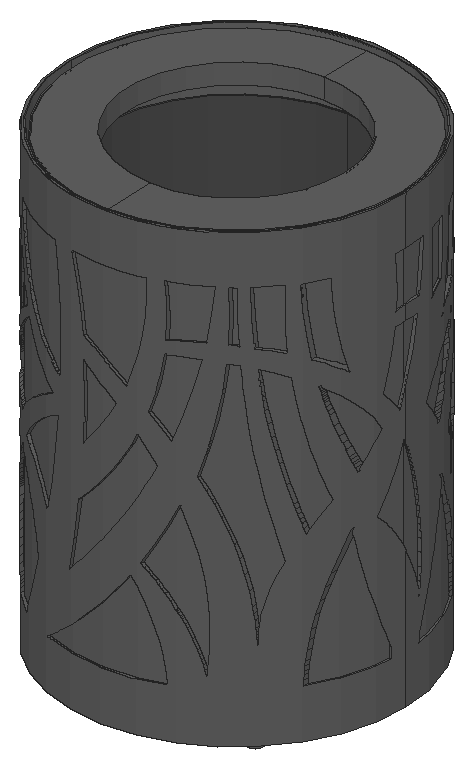
Revit family (continued)
Definition of nested family "Shell-Surface-SiteScapes-Circular-TallGrass_Large"
  Automatic sketch dimensions
    Extrusion 2 sketch curve to Extrusion 2 sketch curve = 0' - 0.03934"
    Extrusion 2 sketch curve to Extrusion 2 sketch curve = 0' - 0.02073"
    Extrusion 2 sketch curve to Extrusion 2 sketch curve = 0' - 0.02546"
    Extrusion 2 sketch curve to Extrusion 2 sketch curve = 0' - 0.04556"
    Extrusion 2 sketch curve to Extrusion 2 sketch curve = 0' - 0.02573"
    Extrusion 2 sketch curve to Extrusion 2 sketch curve = 0' - 0.13599"
    Extrusion 2 sketch curve to Extrusion 2 sketch curve = 0' - 0.06772"
    Extrusion 2 sketch curve to plane 9 "Right" = 0' - 0.4534"
    Extrusion 2 sketch curve to Extrusion 2 sketch curve = 0' - 0.06247"
    Extrusion 2 sketch curve to Extrusion 2 sketch curve = 0' - 0.03551"
    Extrusion 2 sketch curve to plane 9 "Right" = 0' - 0.35749"
    Extrusion 2 sketch curve to Extrusion 2 sketch curve = 0' - 0.02779"
    Extrusion 2 sketch curve to Extrusion 2 sketch curve = 0' - 0.03166"
    Extrusion 2 sketch curve to plane 9 "Right" = 0' - 0.28795"
    Extrusion 2 sketch curve to Extrusion 2 sketch curve = 0' - 0.03608"
    Extrusion 2 sketch curve to plane 9 "Right" = 0' - 0.22271"
    Extrusion 2 sketch curve to plane 9 "Right" = 0' - 0.16346"
    Extrusion 2 sketch curve to plane 9 "Right" = 0' - 0.15382"
    Extrusion 2 sketch curve to plane 9 "Right" = 0' - 0.1117"
    Extrusion 2 sketch curve to plane 9 "Right" = 0' - 0.06711"
    Extrusion 2 sketch curve to plane 9 "Right" = 0' - 0.03197"
    plane 11 "Pattern Bottom" to Extrusion 2 sketch curve = 0' - 2.83071"
    plane 9 "Right" to Extrusion 2 sketch curve = 0' - 10.48685"
    plane 11 "Pattern Bottom" to Extrusion 2 sketch curve = 0' - 11.58654"
    Extrusion 2 sketch curve to Extrusion 2 sketch curve = 2' - 8.6218"
    Extrusion 2 sketch curve to level = 0' - 3.03891"
    Extrusion 2 sketch curve to Extrusion 2 sketch curve = 0' - 0.05783"
    Extrusion 2 sketch curve to plane 5 "Pattern Top" = 0' - 1.34734"
    Extrusion 2 sketch curve to Extrusion 2 sketch curve = 0' - 6.73729"
    plane 5 "Pattern Top" to Extrusion 2 sketch curve = 0' - 1.38233"
    Extrusion 2 sketch curve to Extrusion 2 sketch curve = 0' - 7.50415"
    Extrusion 2 sketch curve to Extrusion 2 sketch curve = 0' - 4.273"
    Extrusion 2 sketch curve to plane 5 "Pattern Top" = 0' - 0.84021"
    plane 11 "Pattern Bottom" to Extrusion 2 sketch curve = 0' - 0.89206"
    Extrusion 2 sketch curve to Extrusion 2 sketch curve = 0' - 0.32527"
    Extrusion 2 sketch curve to Extrusion 2 sketch curve = 0' - 0.32166"
    Extrusion 2 sketch curve to Extrusion 2 sketch curve = 0' - 0.52088"
    Extrusion 2 sketch curve to Extrusion 2 sketch curve = 0' - 0.8773"
    Extrusion 2 sketch curve to Extrusion 2 sketch curve = 0' - 0.58285"
    plane 11 "Pattern Bottom" to Extrusion 2 sketch curve = 0' - 1.89938"
    Extrusion 2 sketch curve to Extrusion 2 sketch curve = 0' - 0.70813"
    Extrusion 2 sketch curve to Extrusion 2 sketch curve = 0' - 0.51072"
    Extrusion 2 sketch curve to Extrusion 2 sketch curve = 0' - 0.6794"
    Extrusion 2 sketch curve to Extrusion 2 sketch curve = 0' - 0.60616"
    Extrusion 2 sketch curve to Extrusion 2 sketch curve = 0' - 0.86253"
    Extrusion 2 sketch curve to Extrusion 2 sketch curve = 0' - 0.50851"
    Extrusion 2 sketch curve to Extrusion 2 sketch curve = 0' - 0.70021"
    Extrusion 2 sketch curve to Extrusion 2 sketch curve = 0' - 0.67682"
    Extrusion 2 sketch curve to Extrusion 2 sketch curve = 0' - 0.01754"
    Extrusion 2 sketch curve to Extrusion 2 sketch curve = 0' - 0.6275"
    Extrusion 2 sketch curve to Extrusion 2 sketch curve = 0' - 0.49335"
    Extrusion 2 sketch curve to Extrusion 2 sketch curve = 0' - 0.27404"
    Extrusion 2 sketch curve to Extrusion 2 sketch curve = 0' - 0.68623"
    Extrusion 2 sketch curve to Extrusion 2 sketch curve = 0' - 1.5538"
    Extrusion 2 sketch curve to Extrusion 2 sketch curve = 0' - 0 59/256"
    Extrusion 2 sketch curve to Extrusion 2 sketch curve = 0' - 0.88161"
    Extrusion 2 sketch curve to Extrusion 2 sketch curve = 0' - 0.69228"
    Extrusion 2 sketch curve to Extrusion 2 sketch curve = 0' - 0.67175"
    Extrusion 2 sketch curve to Extrusion 2 sketch curve = 0' - 0.5774"
    Extrusion 2 sketch curve to Extrusion 2 sketch curve = 0' - 0.18689"
    Extrusion 2 sketch curve to Extrusion 2 sketch curve = 0' - 0.49114"
    Extrusion 2 sketch curve to Extrusion 2 sketch curve = 0' - 0.94382"
    Extrusion 2 sketch curve to Extrusion 2 sketch curve = 0' - 0.20458"
    Extrusion 2 sketch curve to Extrusion 2 sketch curve = 0' - 0.67111"
    Extrusion 2 sketch curve to Extrusion 2 sketch curve = 0' - 0.22291"
    Extrusion 2 sketch curve to Extrusion 2 sketch curve = 0' - 0.63603"
    Extrusion 2 sketch curve to Extrusion 2 sketch curve = 0' - 0.488"
    Extrusion 2 sketch curve to Extrusion 2 sketch curve = 0' - 0.59323"
    Extrusion 2 sketch curve to Extrusion 2 sketch curve = 0' - 0.06932"
    Extrusion 2 sketch curve to Extrusion 2 sketch curve = 0' - 0.89442"
    Extrusion 2 sketch curve to Extrusion 2 sketch curve = 0' - 0.88911"
    Extrusion 2 sketch curve to Extrusion 2 sketch curve = 0' - 0.27209"
    Extrusion 2 sketch curve to Extrusion 2 sketch curve = 0' - 0.48443"
    Extrusion 2 sketch curve to Extrusion 2 sketch curve = 0' - 0.65414"
    Extrusion 2 sketch curve to Extrusion 2 sketch curve = 0' - 0.47917"
    Extrusion 2 sketch curve to Extrusion 2 sketch curve = 0' - 0.94093"
    Extrusion 2 sketch curve to Extrusion 2 sketch curve = 0' - 0.62444"
    Extrusion 2 sketch curve to Extrusion 2 sketch curve = 0' - 0.60906"
    Extrusion 2 sketch curve to Extrusion 2 sketch curve = 0' - 0.47542"
    Extrusion 2 sketch curve to Extrusion 2 sketch curve = 0' - 0.50097"
    Extrusion 2 sketch curve to Extrusion 2 sketch curve = 0' - 0.45356"
    Extrusion 2 sketch curve to Extrusion 2 sketch curve = 0' - 0.67343"
    Extrusion 2 sketch curve to Extrusion 2 sketch curve = 0' - 0.90137"
    Extrusion 2 sketch curve to Extrusion 2 sketch curve = 0' - 0.50203"
    Extrusion 2 sketch curve to Extrusion 2 sketch curve = 0' - 0.87388"
    Extrusion 2 sketch curve to Extrusion 2 sketch curve = 0' - 0.61049"
    Extrusion 2 sketch curve to Extrusion 2 sketch curve = 0' - 0.60536"
    Extrusion 2 sketch curve to Extrusion 2 sketch curve = 0' - 1.81693"
    Extrusion 2 sketch curve to Extrusion 2 sketch curve = 0' - 0.98447"
    Extrusion 2 sketch curve to Extrusion 2 sketch curve = 0' - 0.47393"
    Extrusion 2 sketch curve to Extrusion 2 sketch curve = 0' - 0.48764"
    Extrusion 2 sketch curve to Extrusion 2 sketch curve = 0' - 0.4813"
    Extrusion 2 sketch curve to Extrusion 2 sketch curve = 0' - 0.93803"
    Extrusion 2 sketch curve to Extrusion 2 sketch curve = 0' - 0.28325"
    Extrusion 2 sketch curve to Extrusion 2 sketch curve = 0' - 0.28141"
    Extrusion 2 sketch curve to Extrusion 2 sketch curve = 0' - 0.65689"
    Extrusion 2 sketch curve to Extrusion 2 sketch curve = 0' - 0.28283"
    Extrusion 2 sketch curve to Extrusion 2 sketch curve = 0' - 0.25949"
    Extrusion 2 sketch curve to Extrusion 2 sketch curve = 0' - 0.47431"
    Extrusion 2 sketch curve to Extrusion 2 sketch curve = 0' - 0.74118"
    Extrusion 2 sketch curve to Extrusion 2 sketch curve = 0' - 0.50903"
    Extrusion 2 sketch curve to Extrusion 2 sketch curve = 0' - 0.24575"
    Extrusion 2 sketch curve to Extrusion 2 sketch curve = 0' - 0.85865"
    Extrusion 2 sketch curve to Extrusion 2 sketch curve = 0' - 0.23756"
    Extrusion 2 sketch curve to Extrusion 2 sketch curve = 0' - 0.25288"
    Extrusion 2 sketch curve to Extrusion 2 sketch curve = 0' - 0.22286"
    Extrusion 2 sketch curve to Extrusion 2 sketch curve = 0' - 0.27084"
    Extrusion 2 sketch curve to Extrusion 2 sketch curve = 0' - 0.21636"
    Extrusion 2 sketch curve to Extrusion 2 sketch curve = 0' - 0.23739"
    Extrusion 2 sketch curve to Extrusion 2 sketch curve = 0' - 0.18618"
    Extrusion 2 sketch curve to Extrusion 2 sketch curve = 0' - 0.24813"
    Extrusion 2 sketch curve to Extrusion 2 sketch curve = 0' - 0.93948"
    Extrusion 2 sketch curve to Extrusion 2 sketch curve = 0' - 0.64035"
    Extrusion 2 sketch curve to Extrusion 2 sketch curve = 0' - 1.07147"
    Extrusion 2 sketch curve to Extrusion 2 sketch curve = 0' - 0.14949"
    Extrusion 2 sketch curve to Extrusion 2 sketch curve = 0' - 0.25711"
    Extrusion 2 sketch curve to Extrusion 2 sketch curve = 0' - 0.30567"
    Extrusion 2 sketch curve to Extrusion 2 sketch curve = 0' - 0.24399"
    Extrusion 2 sketch curve to Extrusion 2 sketch curve = 0' - 0.16284"
    Extrusion 2 sketch curve to Extrusion 2 sketch curve = 0' - 0.17752"
    Extrusion 2 sketch curve to Extrusion 2 sketch curve = 0' - 0.23619"
    Extrusion 2 sketch curve to Extrusion 2 sketch curve = 0' - 0.84341"
    Extrusion 2 sketch curve to Extrusion 2 sketch curve = 0' - 0.62382"
    Extrusion 2 sketch curve to Extrusion 2 sketch curve = 0' - 0.50675"
    Extrusion 2 sketch curve to Extrusion 2 sketch curve = 0' - 0.21677"
    Extrusion 2 sketch curve to Extrusion 2 sketch curve = 0' - 0.78372"
    Extrusion 2 sketch curve to Extrusion 2 sketch curve = 0' - 0.38492"
    Extrusion 2 sketch curve to Extrusion 2 sketch curve = 0' - 0.23089"
    Extrusion 2 sketch curve to Extrusion 2 sketch curve = 0' - 1.06009"
    Extrusion 2 sketch curve to Extrusion 2 sketch curve = 0' - 0.60328"
    Extrusion 2 sketch curve to Extrusion 2 sketch curve = 0' - 0.24501"
    Extrusion 2 sketch curve to Extrusion 2 sketch curve = 0' - 0.51309"
    Extrusion 2 sketch curve to Extrusion 2 sketch curve = 0' - 0.37371"
    Extrusion 2 sketch curve to Extrusion 2 sketch curve = 0' - 0.61196"
    Extrusion 2 sketch curve to Extrusion 2 sketch curve = 0' - 0 81/256"
    Extrusion 2 sketch curve to Extrusion 2 sketch curve = 0' - 0.77791"
    Extrusion 2 sketch curve to Extrusion 2 sketch curve = 0' - 0.36861"
    Extrusion 2 sketch curve to Extrusion 2 sketch curve = 0' - 0.5135"
    Extrusion 2 sketch curve to Extrusion 2 sketch curve = 0' - 0.3145"
    Extrusion 2 sketch curve to Extrusion 2 sketch curve = 0' - 0.55154"
    Extrusion 2 sketch curve to Extrusion 2 sketch curve = 0' - 0.55474"
    Extrusion 2 sketch curve to Extrusion 2 sketch curve = 0' - 0.62471"
    Extrusion 2 sketch curve to Extrusion 2 sketch curve = 0' - 0.25881"
    Extrusion 2 sketch curve to Extrusion 2 sketch curve = 0' - 1.04805"
    Extrusion 2 sketch curve to Extrusion 2 sketch curve = 0' - 0.63621"
    Extrusion 2 sketch curve to Extrusion 2 sketch curve = 0' - 0.61375"
    Extrusion 2 sketch curve to Extrusion 2 sketch curve = 0' - 0.2935"
    Extrusion 2 sketch curve to Extrusion 2 sketch curve = 0' - 0.53665"
    Extrusion 2 sketch curve to Extrusion 2 sketch curve = 0' - 0.77209"
    Extrusion 2 sketch curve to Extrusion 2 sketch curve = 0' - 0.63618"
    Extrusion 2 sketch curve to Extrusion 2 sketch curve = 0' - 0.69135"
    Extrusion 2 sketch curve to Extrusion 2 sketch curve = 0' - 0.33893"
    Extrusion 2 sketch curve to Extrusion 2 sketch curve = 0' - 0.60025"
    Extrusion 2 sketch curve to Extrusion 2 sketch curve = 0' - 0.51686"
    Extrusion 2 sketch curve to Extrusion 2 sketch curve = 0' - 0.22062"
    Extrusion 2 sketch curve to Extrusion 2 sketch curve = 0' - 0.92296"
    Extrusion 2 sketch curve to Extrusion 2 sketch curve = 0' - 0.76458"
    Extrusion 2 sketch curve to Extrusion 2 sketch curve = 0' - 0.64765"
    Extrusion 2 sketch curve to Extrusion 2 sketch curve = 0' - 0.66689"
    Extrusion 2 sketch curve to Extrusion 2 sketch curve = 0' - 1.44754"
    Extrusion 2 sketch curve to Extrusion 2 sketch curve = 0' - 0.21765"
    Extrusion 2 sketch curve to Extrusion 2 sketch curve = 0' - 0.16151"
    Extrusion 2 sketch curve to Extrusion 2 sketch curve = 0' - 0.58982"
    Extrusion 2 sketch curve to Extrusion 2 sketch curve = 0' - 0.21473"
    Extrusion 2 sketch curve to Extrusion 2 sketch curve = 0' - 0.4215"
    Extrusion 2 sketch curve to Extrusion 2 sketch curve = 0' - 0.11889"
    Extrusion 2 sketch curve to Extrusion 2 sketch curve = 0' - 0.09565"
    Extrusion 2 sketch curve to Extrusion 2 sketch curve = 0' - 0.24204"
    Extrusion 2 sketch curve to Extrusion 2 sketch curve = 0' - 0.64197"
    Extrusion 2 sketch curve to Extrusion 2 sketch curve = 0' - 0.41081"
    Extrusion 2 sketch curve to Extrusion 2 sketch curve = 0' - 0.11861"
    Extrusion 2 sketch curve to Extrusion 2 sketch curve = 0' - 1.45194"
    Extrusion 2 sketch curve to Extrusion 2 sketch curve = 0' - 0.8398"
    Extrusion 2 sketch curve to Extrusion 2 sketch curve = 0' - 0.14321"
    Extrusion 2 sketch curve to Extrusion 2 sketch curve = 0' - 0.90884"
    Extrusion 2 sketch curve to Extrusion 2 sketch curve = 0' - 0.24892"
    Extrusion 2 sketch curve to Extrusion 2 sketch curve = 0' - 0.36999"
    Extrusion 2 sketch curve to Extrusion 2 sketch curve = 0' - 0.40956"
    Extrusion 2 sketch curve to Extrusion 2 sketch curve = 0' - 0.21556"
    Extrusion 2 sketch curve to Extrusion 2 sketch curve = 0' - 0.65793"
    Extrusion 2 sketch curve to Extrusion 2 sketch curve = 0' - 0.32917"
    Extrusion 2 sketch curve to Extrusion 2 sketch curve = 0' - 0.19131"
    Extrusion 2 sketch curve to Extrusion 2 sketch curve = 0' - 0.40302"
    Extrusion 2 sketch curve to Extrusion 2 sketch curve = 0' - 0.25351"
    Extrusion 2 sketch curve to Extrusion 2 sketch curve = 0' - 0.17826"
    Extrusion 2 sketch curve to Extrusion 2 sketch curve = 0' - 0.1504"
    Extrusion 2 sketch curve to Extrusion 2 sketch curve = 0' - 0.22683"
    Extrusion 2 sketch curve to Extrusion 2 sketch curve = 0' - 0.85688"
    Extrusion 2 sketch curve to Extrusion 2 sketch curve = 0' - 0.29934"
    Extrusion 2 sketch curve to Extrusion 2 sketch curve = 0' - 0.1258"
    Extrusion 2 sketch curve to Extrusion 2 sketch curve = 0' - 0.88533"
    Extrusion 2 sketch curve to Extrusion 2 sketch curve = 0' - 0.20962"
    Extrusion 2 sketch curve to Extrusion 2 sketch curve = 0' - 0 9/64"
    Extrusion 2 sketch curve to Extrusion 2 sketch curve = 0' - 0.22915"
    Extrusion 2 sketch curve to Extrusion 2 sketch curve = 0' - 0.25133"
    Extrusion 2 sketch curve to Extrusion 2 sketch curve = 0' - 0.35718"
    Extrusion 2 sketch curve to Extrusion 2 sketch curve = 0' - 0.17647"
    Extrusion 2 sketch curve to Extrusion 2 sketch curve = 0' - 0.29628"
    Extrusion 2 sketch curve to Extrusion 2 sketch curve = 0' - 0.26027"
    Extrusion 2 sketch curve to Extrusion 2 sketch curve = 0' - 0.49714"
    Extrusion 2 sketch curve to Extrusion 2 sketch curve = 0' - 0.35627"
    Extrusion 2 sketch curve to Extrusion 2 sketch curve = 0' - 0.22976"
    Extrusion 2 sketch curve to Extrusion 2 sketch curve = 0' - 0.87046"
    Extrusion 2 sketch curve to Extrusion 2 sketch curve = 0' - 0.3988"
    Extrusion 2 sketch curve to Extrusion 2 sketch curve = 0' - 0.86935"
    Extrusion 2 sketch curve to Extrusion 2 sketch curve = 0' - 0.19925"
    Extrusion 2 sketch curve to Extrusion 2 sketch curve = 0' - 0.34612"
    Extrusion 2 sketch curve to Extrusion 2 sketch curve = 0' - 0.51301"
    Extrusion 2 sketch curve to Extrusion 2 sketch curve = 0' - 0.16873"
    Extrusion 2 sketch curve to Extrusion 2 sketch curve = 0' - 0.37564"
    Extrusion 2 sketch curve to Extrusion 2 sketch curve = 0' - 0.6174"
    Extrusion 2 sketch curve to Extrusion 2 sketch curve = 0' - 0.15055"
    Extrusion 2 sketch curve to Extrusion 2 sketch curve = 0' - 0.77281"
    Extrusion 2 sketch curve to Extrusion 2 sketch curve = 0' - 0.10677"
    Extrusion 2 sketch curve to Extrusion 2 sketch curve = 0' - 0.02985"
    Extrusion 2 sketch curve to Extrusion 2 sketch curve = 0' - 0.1162"
    Extrusion 2 sketch curve to Extrusion 2 sketch curve = 0' - 0.02159"
    Extrusion 2 sketch curve to Extrusion 2 sketch curve = 0' - 0.014"
    Extrusion 2 sketch curve to Extrusion 2 sketch curve = 0' - 0.35138"
    Extrusion 2 sketch curve to Extrusion 2 sketch curve = 0' - 0.35248"
    Extrusion 2 sketch curve to Extrusion 2 sketch curve = 0' - 0.09383"
    Extrusion 2 sketch curve to Extrusion 2 sketch curve = 0' - 0.08344"
    Extrusion 2 sketch curve to Extrusion 2 sketch curve = 0' - 0.52802"
    Extrusion 2 sketch curve to Extrusion 2 sketch curve = 0' - 0.0838"
    Extrusion 2 sketch curve to Extrusion 2 sketch curve = 0' - 0.86073"
    Extrusion 2 sketch curve to Extrusion 2 sketch curve = 0' - 0.07576"
    Extrusion 2 sketch curve to Extrusion 2 sketch curve = 0' - 0.32911"
    Extrusion 2 sketch curve to Extrusion 2 sketch curve = 0' - 0.30534"
    Extrusion 2 sketch curve to Extrusion 2 sketch curve = 0' - 0.53546"
    Extrusion 2 sketch curve to Extrusion 2 sketch curve = 0' - 0.36343"
    Extrusion 2 sketch curve to Extrusion 2 sketch curve = 0' - 0.11086"
    Extrusion 2 sketch curve to Extrusion 2 sketch curve = 0' - 0.08929"
    Extrusion 2 sketch curve to Extrusion 2 sketch curve = 0' - 0.49934"
    Extrusion 2 sketch curve to Extrusion 2 sketch curve = 0' - 0.74561"
    Extrusion 2 sketch curve to Extrusion 2 sketch curve = 0' - 0.06771"
    Extrusion 2 sketch curve to Extrusion 2 sketch curve = 0' - 0.09111"
    Extrusion 2 sketch curve to Extrusion 2 sketch curve = 0' - 0.05995"
    Extrusion 2 sketch curve to Extrusion 2 sketch curve = 0' - 0.28336"
    Extrusion 2 sketch curve to Extrusion 2 sketch curve = 0' - 0.04076"
    Extrusion 2 sketch curve to Extrusion 2 sketch curve = 0' - 0.3214"
    Extrusion 2 sketch curve to Extrusion 2 sketch curve = 0' - 0.37687"
    Extrusion 2 sketch curve to Extrusion 2 sketch curve = 0' - 0.2392"
    Extrusion 2 sketch curve to Extrusion 2 sketch curve = 0' - 0.50856"
    Extrusion 2 sketch curve to Extrusion 2 sketch curve = 0' - 0.72683"
    Extrusion 2 sketch curve to Extrusion 2 sketch curve = 0' - 0.36467"
    Extrusion 2 sketch curve to Extrusion 2 sketch curve = 0' - 0.19505"
    Extrusion 2 sketch curve to Extrusion 2 sketch curve = 0' - 0.85211"
    Extrusion 2 sketch curve to Extrusion 2 sketch curve = 0' - 0.37753"
    Extrusion 2 sketch curve to Extrusion 2 sketch curve = 0' - 0.70853"
    Extrusion 2 sketch curve to Extrusion 2 sketch curve = 0' - 0.21491"
    Extrusion 2 sketch curve to Extrusion 2 sketch curve = 0' - 0.94961"
    Extrusion 2 sketch curve to Extrusion 2 sketch curve = 0' - 0.48166"
    Extrusion 2 sketch curve to Extrusion 2 sketch curve = 0' - 0.40795"
    Extrusion 2 sketch curve to Extrusion 2 sketch curve = 0' - 0.23506"
    Extrusion 2 sketch curve to Extrusion 2 sketch curve = 0' - 0.38056"
    Extrusion 2 sketch curve to Extrusion 2 sketch curve = 0' - 1.03117"
    Extrusion 2 sketch curve to Extrusion 2 sketch curve = 0' - 0.74964"
    Extrusion 2 sketch curve to Extrusion 2 sketch curve = 0' - 0.45476"
    Extrusion 2 sketch curve to Extrusion 2 sketch curve = 0' - 0.26101"
    Extrusion 2 sketch curve to Extrusion 2 sketch curve = 0' - 0.67034"
    Extrusion 2 sketch curve to Extrusion 2 sketch curve = 0' - 0.51404"
    Extrusion 2 sketch curve to Extrusion 2 sketch curve = 0' - 0.22831"
    Extrusion 2 sketch curve to Extrusion 2 sketch curve = 0' - 0.32725"
    Extrusion 2 sketch curve to Extrusion 2 sketch curve = 0' - 0.19562"
    Extrusion 2 sketch curve to Extrusion 2 sketch curve = 0' - 0.77246"
    Extrusion 2 sketch curve to Extrusion 2 sketch curve = 0' - 0.31219"
    Extrusion 2 sketch curve to Extrusion 2 sketch curve = 0' - 0.19977"
    Extrusion 2 sketch curve to Extrusion 2 sketch curve = 0' - 0.49233"
    Extrusion 2 sketch curve to Extrusion 2 sketch curve = 0' - 0.51031"
    Extrusion 2 sketch curve to Extrusion 2 sketch curve = 0' - 0.05576"
    Extrusion 2 sketch curve to Extrusion 2 sketch curve = 0' - 1.60014"
    Extrusion 2 sketch curve to Extrusion 2 sketch curve = 0' - 0.7952"
    Extrusion 2 sketch curve to Extrusion 2 sketch curve = 0' - 0.21618"
    Extrusion 2 sketch curve to Extrusion 2 sketch curve = 0' - 0.29855"
    Extrusion 2 sketch curve to Extrusion 2 sketch curve = 0' - 0.10659"
    Extrusion 2 sketch curve to Extrusion 2 sketch curve = 0' - 0.13565"
    Extrusion 2 sketch curve to Extrusion 2 sketch curve = 0' - 0.21313"
    Extrusion 2 sketch curve to Extrusion 2 sketch curve = 0' - 0.13075"
    Extrusion 2 sketch curve to Extrusion 2 sketch curve = 0' - 0.51439"
    Extrusion 2 sketch curve to Extrusion 2 sketch curve = 0' - 0.10695"
    Extrusion 2 sketch curve to Extrusion 2 sketch curve = 0' - 0.29457"
    Extrusion 2 sketch curve to Extrusion 2 sketch curve = 0' - 0.5636"
    Extrusion 2 sketch curve to Extrusion 2 sketch curve = 0' - 0.12302"
    Extrusion 2 sketch curve to Extrusion 2 sketch curve = 0' - 0.14479"
    Extrusion 2 sketch curve to Extrusion 2 sketch curve = 0' - 0.53236"
    Extrusion 2 sketch curve to Extrusion 2 sketch curve = 0' - 0.36478"
    Extrusion 2 sketch curve to Extrusion 2 sketch curve = 0' - 0.19512"
    Extrusion 2 sketch curve to Extrusion 2 sketch curve = 0' - 1.0667"
    Extrusion 2 sketch curve to Extrusion 2 sketch curve = 0' - 0.90571"
    Extrusion 2 sketch curve to Extrusion 2 sketch curve = 0' - 0.0719"
    Extrusion 2 sketch curve to Extrusion 2 sketch curve = 0' - 0.15925"
    Extrusion 2 sketch curve to Extrusion 2 sketch curve = 0' - 0.77941"
    Extrusion 2 sketch curve to Extrusion 2 sketch curve = 0' - 0.2523"
    Extrusion 2 sketch curve to Extrusion 2 sketch curve = 0' - 0.07405"
    Extrusion 2 sketch curve to Extrusion 2 sketch curve = 0' - 1.25301"
    Extrusion 2 sketch curve to Extrusion 2 sketch curve = 0' - 0.13029"
    Extrusion 2 sketch curve to Extrusion 2 sketch curve = 0' - 0.51808"
    Extrusion 2 sketch curve to Extrusion 2 sketch curve = 0' - 0.15455"
    Extrusion 2 sketch curve to Extrusion 2 sketch curve = 0' - 0.2879"
    Extrusion 2 sketch curve to Extrusion 2 sketch curve = 0' - 0.24699"
    Extrusion 2 sketch curve to Extrusion 2 sketch curve = 0' - 0.30825"
    Extrusion 2 sketch curve to Extrusion 2 sketch curve = 0' - 0.22913"
    Extrusion 2 sketch curve to Extrusion 2 sketch curve = 0' - 0.25931"
    Extrusion 2 sketch curve to Extrusion 2 sketch curve = 0' - 0.50281"
    Extrusion 2 sketch curve to Extrusion 2 sketch curve = 0' - 0.23925"
    Extrusion 2 sketch curve to Extrusion 2 sketch curve = 0' - 0.90992"
    Extrusion 2 sketch curve to Extrusion 2 sketch curve = 0' - 0.02888"
    Extrusion 2 sketch curve to Extrusion 2 sketch curve = 0' - 0.11788"
    Extrusion 2 sketch curve to Extrusion 2 sketch curve = 0' - 0.30987"
    Extrusion 2 sketch curve to Extrusion 2 sketch curve = 0' - 1.39075"
    Extrusion 2 sketch curve to Extrusion 2 sketch curve = 0' - 0.24992"
    Extrusion 2 sketch curve to Extrusion 2 sketch curve = 0' - 0.29553"
    Extrusion 2 sketch curve to Extrusion 2 sketch curve = 0' - 0.16239"
    Extrusion 2 sketch curve to Extrusion 2 sketch curve = 0' - 0.41253"
    Extrusion 2 sketch curve to Extrusion 2 sketch curve = 0' - 0.51456"
    Extrusion 2 sketch curve to Extrusion 2 sketch curve = 0' - 0.52109"
    Extrusion 2 sketch curve to Extrusion 2 sketch curve = 0' - 0.30829"
    Extrusion 2 sketch curve to Extrusion 2 sketch curve = 0' - 0.13854"
    Extrusion 2 sketch curve to Extrusion 2 sketch curve = 0' - 0.33695"
    Extrusion 2 sketch curve to Extrusion 2 sketch curve = 0' - 0.30339"
    Extrusion 2 sketch curve to Extrusion 2 sketch curve = 0' - 0.12098"
    Extrusion 2 sketch curve to Extrusion 2 sketch curve = 0' - 0.1467"
    Extrusion 2 sketch curve to Extrusion 2 sketch curve = 0' - 0.39516"
    Extrusion 2 sketch curve to Extrusion 2 sketch curve = 0' - 0.15097"
    Extrusion 2 sketch curve to Extrusion 2 sketch curve = 0' - 0.50086"
    Extrusion 2 sketch curve to Extrusion 2 sketch curve = 0' - 0.90956"
    Extrusion 2 sketch curve to Extrusion 2 sketch curve = 0' - 0.3028"
    Extrusion 2 sketch curve to Extrusion 2 sketch curve = 0' - 0.5391"
    Extrusion 2 sketch curve to Extrusion 2 sketch curve = 0' - 0.14231"
    Extrusion 2 sketch curve to Extrusion 2 sketch curve = 0' - 0.37655"
    Extrusion 2 sketch curve to Extrusion 2 sketch curve = 0' - 0.14089"
    Extrusion 2 sketch curve to Extrusion 2 sketch curve = 0' - 0.01692"
    Extrusion 2 sketch curve to Extrusion 2 sketch curve = 0' - 0.38718"
    Extrusion 2 sketch curve to Extrusion 2 sketch curve = 0' - 0.13947"
    Extrusion 2 sketch curve to Extrusion 2 sketch curve = 0' - 0.42574"
    Extrusion 2 sketch curve to Extrusion 2 sketch curve = 0' - 0.48064"
    Extrusion 2 sketch curve to Extrusion 2 sketch curve = 0' - 0.50078"
    Extrusion 2 sketch curve to Extrusion 2 sketch curve = 0' - 5.3948"
    Extrusion 2 sketch curve to Extrusion 2 sketch curve = 0' - 0.13804"
    Extrusion 2 sketch curve to Extrusion 2 sketch curve = 0' - 0.054"
    Extrusion 2 sketch curve to Extrusion 2 sketch curve = 0' - 0.34289"
    Extrusion 2 sketch curve to Extrusion 2 sketch curve = 0' - 0.1121"
    Extrusion 2 sketch curve to Extrusion 2 sketch curve = 0' - 0.10761"
    Extrusion 2 sketch curve to Extrusion 2 sketch curve = 0' - 1.16882"
    Extrusion 2 sketch curve to Extrusion 2 sketch curve = 0' - 0.37114"
    Extrusion 2 sketch curve to Extrusion 2 sketch curve = 0' - 0.12841"
    Extrusion 2 sketch curve to Extrusion 2 sketch curve = 0' - 0.09722"
    Extrusion 2 sketch curve to Extrusion 2 sketch curve = 0' - 0.43023"
    Extrusion 2 sketch curve to Extrusion 2 sketch curve = 0' - 0.03853"
    Extrusion 2 sketch curve to Extrusion 2 sketch curve = 0' - 0.08675"
    Extrusion 2 sketch curve to Extrusion 2 sketch curve = 0' - 0.46042"
    Extrusion 2 sketch curve to Extrusion 2 sketch curve = 0' - 0.04864"
    Extrusion 2 sketch curve to Extrusion 2 sketch curve = 0' - 0.32607"
    Extrusion 2 sketch curve to Extrusion 2 sketch curve = 0' - 0.05616"
    Extrusion 2 sketch curve to Extrusion 2 sketch curve = 0' - 0.53207"
    Extrusion 2 sketch curve to Extrusion 2 sketch curve = 0' - 0.12286"
    Extrusion 2 sketch curve to Extrusion 2 sketch curve = 0' - 0.35555"
    Extrusion 2 sketch curve to Extrusion 2 sketch curve = 0' - 0.29758"
    Extrusion 2 sketch curve to Extrusion 2 sketch curve = 0' - 0.43368"
    Extrusion 2 sketch curve to Extrusion 2 sketch curve = 0' - 0.16216"
    Extrusion 2 sketch curve to Extrusion 2 sketch curve = 0' - 0.15819"
    Extrusion 2 sketch curve to Extrusion 2 sketch curve = 0' - 0.49968"
    Extrusion 2 sketch curve to Extrusion 2 sketch curve = 0' - 0.13093"
    Extrusion 2 sketch curve to Extrusion 2 sketch curve = 0' - 0.35068"
    Extrusion 2 sketch curve to Extrusion 2 sketch curve = 0' - 0.36902"
    Extrusion 2 sketch curve to Extrusion 2 sketch curve = 0' - 0.14868"
    Extrusion 2 sketch curve to Extrusion 2 sketch curve = 0' - 0.15729"
    Extrusion 2 sketch curve to Extrusion 2 sketch curve = 0' - 1.16227"
    Extrusion 2 sketch curve to Extrusion 2 sketch curve = 0' - 0.1731"
    Extrusion 2 sketch curve to Extrusion 2 sketch curve = 0' - 0.40379"
    Extrusion 2 sketch curve to Extrusion 2 sketch curve = 0' - 0.52074"
    Extrusion 2 sketch curve to Extrusion 2 sketch curve = 0' - 0.40383"
    Extrusion 2 sketch curve to Extrusion 2 sketch curve = 0' - 0.24521"
    Extrusion 2 sketch curve to Extrusion 2 sketch curve = 0' - 0.20723"
    Extrusion 2 sketch curve to Extrusion 2 sketch curve = 0' - 0.89233"
    Extrusion 2 sketch curve to Extrusion 2 sketch curve = 0' - 0.45124"
    Extrusion 2 sketch curve to Extrusion 2 sketch curve = 0' - 0.17796"
    Extrusion 2 sketch curve to Extrusion 2 sketch curve = 0' - 0.5418"
    Extrusion 2 sketch curve to Extrusion 2 sketch curve = 0' - 0.2123"
    Extrusion 2 sketch curve to Extrusion 2 sketch curve = 0' - 1.04898"
    Extrusion 2 sketch curve to Extrusion 2 sketch curve = 0' - 0.49865"
    Extrusion 2 sketch curve to Extrusion 2 sketch curve = 0' - 0.06624"
    Extrusion 2 sketch curve to Extrusion 2 sketch curve = 0' - 0.0816"
    Extrusion 2 sketch curve to Extrusion 2 sketch curve = 0' - 0.3414"
    Extrusion 2 sketch curve to Extrusion 2 sketch curve = 0' - 0.56285"
    Extrusion 2 sketch curve to Extrusion 2 sketch curve = 0' - 0.28045"
    Extrusion 2 sketch curve to Extrusion 2 sketch curve = 0' - 0.90335"
    Extrusion 2 sketch curve to Extrusion 2 sketch curve = 0' - 0.34355"
    Extrusion 2 sketch curve to Extrusion 2 sketch curve = 0' - 0.24563"
    Extrusion 2 sketch curve to Extrusion 2 sketch curve = 0' - 0.25656"
    Extrusion 2 sketch curve to Extrusion 2 sketch curve = 0' - 0.66364"
    Extrusion 2 sketch curve to Extrusion 2 sketch curve = 0' - 1.03888"
    Extrusion 2 sketch curve to Extrusion 2 sketch curve = 0' - 0.21521"
    Extrusion 2 sketch curve to Extrusion 2 sketch curve = 0' - 0.6231"
    Extrusion 2 sketch curve to Extrusion 2 sketch curve = 0' - 0.27126"
    Extrusion 2 sketch curve to Extrusion 2 sketch curve = 0' - 0.91438"
    Extrusion 2 sketch curve to Extrusion 2 sketch curve = 0' - 0.68182"
    Extrusion 2 sketch curve to Extrusion 2 sketch curve = 0' - 0.47076"
    Extrusion 2 sketch curve to Extrusion 2 sketch curve = 0' - 0.63576"
    Extrusion 2 sketch curve to Extrusion 2 sketch curve = 0' - 0.45645"
    Extrusion 2 sketch curve to Extrusion 2 sketch curve = 0' - 0 5/256"
    Extrusion 2 sketch curve to Extrusion 2 sketch curve = 0' - 0.48239"
    Extrusion 2 sketch curve to Extrusion 2 sketch curve = 0' - 0.9251"
    Extrusion 2 sketch curve to Extrusion 2 sketch curve = 0' - 0.7"
    Extrusion 2 sketch curve to Extrusion 2 sketch curve = 0' - 0.64465"
    Extrusion 2 sketch curve to Extrusion 2 sketch curve = 0' - 0.49232"
    Extrusion 2 sketch curve to Extrusion 2 sketch curve = 0' - 0.96746"
    Extrusion 2 sketch curve to Extrusion 2 sketch curve = 0' - 0.39867"
    Extrusion 2 sketch curve to Extrusion 2 sketch curve = 0' - 0.81884"
    Extrusion 2 sketch curve to Extrusion 2 sketch curve = 0' - 0.03297"
    Extrusion 2 sketch curve to Extrusion 2 sketch curve = 0' - 0 137/256"
    Extrusion 2 sketch curve to Extrusion 2 sketch curve = 0' - 0.19253"
    Extrusion 2 sketch curve to Extrusion 2 sketch curve = 0' - 0.37726"
    Extrusion 2 sketch curve to Extrusion 2 sketch curve = 0' - 0.53629"
    Extrusion 2 sketch curve to Extrusion 2 sketch curve = 0' - 0.35206"
    Extrusion 2 sketch curve to Extrusion 2 sketch curve = 0' - 0.82348"
    Extrusion 2 sketch curve to Extrusion 2 sketch curve = 0' - 0.25891"
    Extrusion 2 sketch curve to Extrusion 2 sketch curve = 0' - 0.53744"
    Extrusion 2 sketch curve to Extrusion 2 sketch curve = 0' - 0.24433"
    Extrusion 2 sketch curve to Extrusion 2 sketch curve = 0' - 0.22254"
    Extrusion 3 sketch curve to plane 11 "Pattern Bottom" = 0' - 0"  (x3)
    Extrusion 3 sketch curve to plane 5 "Pattern Top" = 0' - 0"
    plane 4 "Top" to Extrusion 3 sketch curve = 3' - 11.17456"
    Extrusion 3 sketch curve to plane 10 "Left" = 27' - 2.49479"
    Extrusion 3 sketch curve to plane 5 "Pattern Top" = 0' - 0.32437"
    Extrusion 3 sketch curve to plane 10 "Left" = 5' - 0.33836"
    Extrusion 3 sketch curve to Extrusion 3 sketch curve = 1' - 1.15521"
    Extrusion 3 sketch curve to Extrusion 3 sketch curve = 0' - 2.25285"
    Extrusion 3 sketch curve to Extrusion 3 sketch curve = 0' - 5.79819"
    Extrusion 3 sketch curve to Extrusion 3 sketch curve = 0' - 2.33982"
    plane 11 "Pattern Bottom" to Extrusion 3 sketch curve = 0' - 10.19971"
    Extrusion 3 sketch curve to Extrusion 3 sketch curve = 1' - 1.40829"
    Extrusion 3 sketch curve to plane 5 "Pattern Top" = 0' - 1.67053"
    Extrusion 3 sketch curve to Extrusion 3 sketch curve = 0' - 1.85508"
    Extrusion 3 sketch curve to plane 4 "Top" = 0' - 1.0736"
    Extrusion 3 sketch curve to Extrusion 3 sketch curve = 0' - 2.4327"
    Extrusion 3 sketch curve to Extrusion 3 sketch curve = 0' - 4.87172"
    Extrusion 3 sketch curve to plane 5 "Pattern Top" = 0' - 2.22713"
    Extrusion 3 sketch curve to Extrusion 3 sketch curve = 0' - 0.87631"
    plane 5 "Pattern Top" to Extrusion 3 sketch curve = 0' - 1.57818"
    Extrusion 3 sketch curve to Extrusion 3 sketch curve = 0' - 2.11287"
    Extrusion 3 sketch curve to plane 10 "Left" = 0' - 6.08185"
    Extrusion 3 sketch curve to plane 10 "Left" = 0' - 3.08679"
    Extrusion 3 sketch curve to Extrusion 3 sketch curve = 0' - 0.86517"
    Extrusion 3 sketch curve to plane 10 "Left" = 0' - 1.54992"
    Extrusion 3 sketch curve to Extrusion 3 sketch curve = 0' - 0.05325"
    Extrusion 3 sketch curve to plane 10 "Left" = 0' - 0.86813"
    Extrusion 3 sketch curve to plane 10 "Left" = 0' - 0.72514"
    Extrusion 3 sketch curve to plane 10 "Left" = 0' - 0.30425"
    plane 10 "Left" to Extrusion 3 sketch curve = 0' - 0.20583"
    plane 10 "Left" to Extrusion 3 sketch curve = 0' - 0.83645"
    Extrusion 3 sketch curve to Extrusion 3 sketch curve = 0' - 0.93544"
    plane 10 "Left" to Extrusion 3 sketch curve = 0' - 1.32621"
    Extrusion 3 sketch curve to Extrusion 3 sketch curve = 0' - 0.00023"
    Extrusion 3 sketch curve to Extrusion 3 sketch curve = 0' - 0.01837"
    Extrusion 3 sketch curve to plane 5 "Pattern Top" = 0' - 0.51592"
    Extrusion 3 sketch curve to Extrusion 3 sketch curve = 0' - 0.01882"
    Extrusion 3 sketch curve to Extrusion 3 sketch curve = 0' - 0.03732"
    plane 5 "Pattern Top" to Extrusion 3 sketch curve = 0' - 0.02382"  (x5)
    Extrusion 3 sketch curve to Extrusion 3 sketch curve = 0' - 0.03779"
    Extrusion 3 sketch curve to Extrusion 3 sketch curve = 0' - 0.0521"
    Extrusion 3 sketch curve to Extrusion 3 sketch curve = 0' - 0.06944"
    Extrusion 3 sketch curve to Extrusion 3 sketch curve = 0' - 0.08752"
    Extrusion 3 sketch curve to Extrusion 3 sketch curve = 0' - 0.06044"
    Extrusion 3 sketch curve to Extrusion 3 sketch curve = 0' - 0.06463"
    Extrusion 3 sketch curve to Extrusion 3 sketch curve = 0' - 0.07018"
    plane 10 "Left" to Extrusion 3 sketch curve = 0' - 1.86251"
    Extrusion 3 sketch curve to Extrusion 3 sketch curve = 0' - 0.08843"
    Extrusion 3 sketch curve to Extrusion 3 sketch curve = 0' - 0.01213"
    Extrusion 3 sketch curve to Extrusion 3 sketch curve = 0' - 0.04128"
    plane 10 "Left" to Extrusion 3 sketch curve = 0' - 1.92749"
    Extrusion 3 sketch curve to Extrusion 3 sketch curve = 0' - 0.09938"  (x2)
    Extrusion 3 sketch curve to Extrusion 3 sketch curve = 0' - 0.09428"
    Extrusion 3 sketch curve to Extrusion 3 sketch curve = 0' - 0.09907"
    Extrusion 3 sketch curve to Extrusion 3 sketch curve = 0' - 0.02808"
    Extrusion 3 sketch curve to Extrusion 3 sketch curve = 0' - 0.08129"
    Extrusion 3 sketch curve to Extrusion 3 sketch curve = 0' - 0.39345"
    Extrusion 3 sketch curve to Extrusion 3 sketch curve = 0' - 0.02632"
    Extrusion 3 sketch curve to Extrusion 3 sketch curve = 0' - 0.02452"
    Extrusion 3 sketch curve to Extrusion 3 sketch curve = 0' - 0.09017"
    Extrusion 3 sketch curve to Extrusion 3 sketch curve = 0' - 0.0236"
    Extrusion 3 sketch curve to Extrusion 3 sketch curve = 0' - 0.08408"
    Extrusion 3 sketch curve to Extrusion 3 sketch curve = 0' - 0.25465"
    Extrusion 3 sketch curve to Extrusion 3 sketch curve = 0' - 0.21267"
    Extrusion 3 sketch curve to Extrusion 3 sketch curve = 0' - 0.03007"
    Extrusion 3 sketch curve to Extrusion 3 sketch curve = 0' - 0.03167"
    Extrusion 3 sketch curve to Extrusion 3 sketch curve = 0' - 0.08061"
    Extrusion 3 sketch curve to Extrusion 3 sketch curve = 0' - 0.09073"
    Extrusion 3 sketch curve to Extrusion 3 sketch curve = 0' - 0.80641"
    Extrusion 3 sketch curve to Extrusion 3 sketch curve = 0' - 0.08645"
    Extrusion 3 sketch curve to Extrusion 3 sketch curve = 0' - 0.2271"
    Extrusion 3 sketch curve to Extrusion 3 sketch curve = 0' - 0.13698"
    Extrusion 3 sketch curve to Extrusion 3 sketch curve = 0' - 0.09782"
    Extrusion 3 sketch curve to Extrusion 3 sketch curve = 0' - 1.53547"
    Extrusion 3 sketch curve to Extrusion 3 sketch curve = 0' - 0.24478"
    Extrusion 3 sketch curve to Extrusion 3 sketch curve = 0' - 0.26817"
    Extrusion 3 sketch curve to Extrusion 3 sketch curve = 0' - 0.06269"
    Extrusion 3 sketch curve to Extrusion 3 sketch curve = 0' - 0.23422"
    Extrusion 3 sketch curve to Extrusion 3 sketch curve = 0' - 0.22276"
    Extrusion 3 sketch curve to Extrusion 3 sketch curve = 0' - 0.10092"
    Extrusion 3 sketch curve to Extrusion 3 sketch curve = 0' - 0.16473"
    Extrusion 3 sketch curve to Extrusion 3 sketch curve = 0' - 0.1126"
    Extrusion 3 sketch curve to Extrusion 3 sketch curve = 0' - 0.05363"
    Extrusion 3 sketch curve to Extrusion 3 sketch curve = 0' - 0.04428"
    Extrusion 3 sketch curve to Extrusion 3 sketch curve = 0' - 0.09581"  (x2)
    Extrusion 3 sketch curve to Extrusion 3 sketch curve = 0' - 0.05006"
    Extrusion 3 sketch curve to Extrusion 3 sketch curve = 0' - 0.1033"
    Extrusion 3 sketch curve to Extrusion 3 sketch curve = 0' - 0.49222"
    Extrusion 3 sketch curve to Extrusion 3 sketch curve = 0' - 0.05653"
    Extrusion 3 sketch curve to Extrusion 3 sketch curve = 0' - 0.7769"
    Extrusion 3 sketch curve to Extrusion 3 sketch curve = 0' - 0.10114"
    Extrusion 3 sketch curve to Extrusion 3 sketch curve = 0' - 0.27956"
    Extrusion 3 sketch curve to Extrusion 3 sketch curve = 0' - 0.28114"
    Extrusion 3 sketch curve to Extrusion 3 sketch curve = 0' - 0.09336"
    Extrusion 3 sketch curve to Extrusion 3 sketch curve = 0' - 0.23582"
    Extrusion 3 sketch curve to Extrusion 3 sketch curve = 0' - 0.4524"
    Extrusion 3 sketch curve to plane 5 "Pattern Top" = 0' - 1.10746"
    Extrusion 3 sketch curve to Extrusion 3 sketch curve = 0' - 0.12925"
    Extrusion 3 sketch curve to Extrusion 3 sketch curve = 0' - 0.09358"
    Extrusion 3 sketch curve to Extrusion 3 sketch curve = 0' - 0.80773"
    Extrusion 3 sketch curve to plane 5 "Pattern Top" = 0' - 0.76664"
    Extrusion 3 sketch curve to Extrusion 3 sketch curve = 0' - 0.10163"
    Extrusion 3 sketch curve to Extrusion 3 sketch curve = 0' - 0.09027"
    Extrusion 3 sketch curve to Extrusion 3 sketch curve = 0' - 0.20479"
    Extrusion 3 sketch curve to Extrusion 3 sketch curve = 0' - 0.20739"
    Extrusion 3 sketch curve to Extrusion 3 sketch curve = 0' - 0.13458"
    Extrusion 3 sketch curve to Extrusion 3 sketch curve = 0' - 0.08557"
    Extrusion 3 sketch curve to Extrusion 3 sketch curve = 0' - 0.34697"
    Extrusion 3 sketch curve to Extrusion 3 sketch curve = 0' - 0.29355"
    Extrusion 3 sketch curve to plane 5 "Pattern Top" = 0' - 0.38954"
    Extrusion 3 sketch curve to Extrusion 3 sketch curve = 0' - 0.11793"
    Extrusion 3 sketch curve to Extrusion 3 sketch curve = 0' - 0.08048"
    Extrusion 3 sketch curve to Extrusion 3 sketch curve = 0' - 0.29768"
    Extrusion 3 sketch curve to Extrusion 3 sketch curve = 0' - 0.14224"  (x2)
    Extrusion 3 sketch curve to Extrusion 3 sketch curve = 0' - 0.84052"
    Extrusion 3 sketch curve to Extrusion 3 sketch curve = 0' - 0.22454"
    Extrusion 3 sketch curve to Extrusion 3 sketch curve = 0' - 0.20087"
    Extrusion 3 sketch curve to Extrusion 3 sketch curve = 0' - 0.07705"
    Extrusion 3 sketch curve to Extrusion 3 sketch curve = 0' - 0.13497"
    Extrusion 3 sketch curve to Extrusion 3 sketch curve = 0' - 0.20105"
    Extrusion 3 sketch curve to Extrusion 3 sketch curve = 0' - 0.07121"
    Extrusion 3 sketch curve to Extrusion 3 sketch curve = 0' - 0.09032"
    plane 11 "Pattern Bottom" to Extrusion 3 sketch curve = 0' - 1.20688"
    Extrusion 3 sketch curve to Extrusion 3 sketch curve = 0' - 0.06625"
    Extrusion 3 sketch curve to Extrusion 3 sketch curve = 0' - 0.07892"
    plane 11 "Pattern Bottom" to Extrusion 3 sketch curve = 0' - 0.96676"
    Extrusion 3 sketch curve to Extrusion 3 sketch curve = 0' - 0.02833"
    Extrusion 3 sketch curve to Extrusion 3 sketch curve = 0' - 0.1931"
    plane 11 "Pattern Bottom" to Extrusion 3 sketch curve = 0' - 0.74603"
    Extrusion 3 sketch curve to Extrusion 3 sketch curve = 0' - 0.02465"
    Extrusion 3 sketch curve to Extrusion 3 sketch curve = 0' - 0.25961"
    plane 11 "Pattern Bottom" to Extrusion 3 sketch curve = 0' - 0.54422"
    Extrusion 3 sketch curve to Extrusion 3 sketch curve = 0' - 0.02109"
    Extrusion 3 sketch curve to Extrusion 3 sketch curve = 0' - 0.3826"
    Extrusion 3 sketch curve to Extrusion 3 sketch curve = 0' - 0.7795"
    plane 11 "Pattern Bottom" to Extrusion 3 sketch curve = 0' - 0.29555"
    Extrusion 3 sketch curve to Extrusion 3 sketch curve = 0' - 0.0248"
    Extrusion 3 sketch curve to Extrusion 3 sketch curve = 0' - 0.09184"
    Extrusion 3 sketch curve to Extrusion 3 sketch curve = 0' - 0.32286"
    Extrusion 3 sketch curve to Extrusion 3 sketch curve = 0' - 0.02854"
    Extrusion 3 sketch curve to Extrusion 3 sketch curve = 0' - 0.20218"
    Extrusion 3 sketch curve to Extrusion 3 sketch curve = 0' - 0.11869"
    Extrusion 3 sketch curve to Extrusion 3 sketch curve = 0' - 0.20286"
    Extrusion 3 sketch curve to Extrusion 3 sketch curve = 0' - 0.28434"
    Extrusion 3 sketch curve to plane 5 "Pattern Top" = 0' - 1.13863"
    Extrusion 3 sketch curve to Extrusion 3 sketch curve = 0' - 0.76604"
    Extrusion 3 sketch curve to Extrusion 3 sketch curve = 0' - 0.31128"
    Extrusion 3 sketch curve to plane 5 "Pattern Top" = 0' - 1.38955"
    Extrusion 3 sketch curve to Extrusion 3 sketch curve = 0' - 0.04247"
    Extrusion 3 sketch curve to Extrusion 3 sketch curve = 0' - 0.11997"
    Extrusion 3 sketch curve to plane 5 "Pattern Top" = 0' - 1.60309"
    Extrusion 3 sketch curve to Extrusion 3 sketch curve = 0' - 0.03756"
    Extrusion 3 sketch curve to Extrusion 3 sketch curve = 0' - 0.37454"
    Extrusion 3 sketch curve to plane 5 "Pattern Top" = 0' - 1.77925"
    Extrusion 3 sketch curve to Extrusion 3 sketch curve = 0' - 0.03258"
    Extrusion 3 sketch curve to Extrusion 3 sketch curve = 0' - 0.03802"
    Extrusion 3 sketch curve to Extrusion 3 sketch curve = 0' - 0.12037"
    Extrusion 3 sketch curve to Extrusion 3 sketch curve = 0' - 0.043"
    Extrusion 3 sketch curve to Extrusion 3 sketch curve = 0' - 0.31179"
    Extrusion 3 sketch curve to Extrusion 3 sketch curve = 0' - 0.10951"
    Extrusion 3 sketch curve to Extrusion 3 sketch curve = 0' - 0.15264"
    Extrusion 3 sketch curve to Extrusion 3 sketch curve = 0' - 0.33172"
    Extrusion 3 sketch curve to Extrusion 3 sketch curve = 0' - 0.11198"
    Extrusion 3 sketch curve to Extrusion 3 sketch curve = 0' - 0.94808"
    Extrusion 3 sketch curve to Extrusion 3 sketch curve = 0' - 0.40378"
    Extrusion 3 sketch curve to Extrusion 3 sketch curve = 0' - 0.17453"
    Extrusion 3 sketch curve to Extrusion 3 sketch curve = 0' - 0.13058"
    Extrusion 3 sketch curve to plane 5 "Pattern Top" = 0' - 0.77271"
    Extrusion 3 sketch curve to Extrusion 3 sketch curve = 0' - 0.56223"
    Extrusion 3 sketch curve to Extrusion 3 sketch curve = 0' - 0.34064"
    Extrusion 3 sketch curve to Extrusion 3 sketch curve = 0' - 0.3531"
    Extrusion 3 sketch curve to Extrusion 3 sketch curve = 0' - 0.19829"
    Extrusion 3 sketch curve to Extrusion 3 sketch curve = 0' - 0.10481"  (x2)
    Extrusion 3 sketch curve to plane 5 "Pattern Top" = 0' - 1.52724"
    Extrusion 3 sketch curve to Extrusion 3 sketch curve = 0' - 0.64134"
    Extrusion 3 sketch curve to Extrusion 3 sketch curve = 0' - 0.08616"
    Extrusion 3 sketch curve to Extrusion 3 sketch curve = 0' - 0.06819"
    Extrusion 3 sketch curve to Extrusion 3 sketch curve = 0' - 0.17386"
    Extrusion 3 sketch curve to plane 5 "Pattern Top" = 0' - 2.26359"
    Extrusion 3 sketch curve to Extrusion 3 sketch curve = 0' - 0.71999"
    Extrusion 3 sketch curve to Extrusion 3 sketch curve = 0' - 0.22191"
    Extrusion 3 sketch curve to Extrusion 3 sketch curve = 0' - 0.43382"
    Extrusion 3 sketch curve to Extrusion 3 sketch curve = 0' - 0.0824"
    Extrusion 3 sketch curve to Extrusion 3 sketch curve = 0' - 0.42482"
    Extrusion 3 sketch curve to Extrusion 3 sketch curve = 0' - 0.17811"
    Extrusion 3 sketch curve to Extrusion 3 sketch curve = 0' - 0.13506"
    Extrusion 3 sketch curve to Extrusion 3 sketch curve = 0' - 0.14393"
    Extrusion 3 sketch curve to Extrusion 3 sketch curve = 0' - 0.22685"
    Extrusion 3 sketch curve to Extrusion 3 sketch curve = 0' - 0.15508"
    Extrusion 3 sketch curve to Extrusion 3 sketch curve = 0' - 0.14361"
    Extrusion 3 sketch curve to Extrusion 3 sketch curve = 0' - 0.14028"
    Extrusion 3 sketch curve to Extrusion 3 sketch curve = 0' - 0.0943"
    Extrusion 3 sketch curve to Extrusion 3 sketch curve = 0' - 0.13641"
    Extrusion 3 sketch curve to Extrusion 3 sketch curve = 0' - 0.18475"
    Extrusion 3 sketch curve to Extrusion 3 sketch curve = 0' - 0.08263"
    Extrusion 3 sketch curve to Extrusion 3 sketch curve = 0' - 0.26308"
    Extrusion 3 sketch curve to Extrusion 3 sketch curve = 0' - 0.35871"
    Extrusion 3 sketch curve to Extrusion 3 sketch curve = 0' - 0.45342"
    Extrusion 3 sketch curve to Extrusion 3 sketch curve = 0' - 0.90723"
    Extrusion 3 sketch curve to Extrusion 3 sketch curve = 0' - 1.70488"
    Extrusion 3 sketch curve to Extrusion 3 sketch curve = 0' - 0.10014"
    Extrusion 3 sketch curve to Extrusion 3 sketch curve = 0' - 0.12208"
    Extrusion 3 sketch curve to Extrusion 3 sketch curve = 0' - 0.29756"
    Extrusion 3 sketch curve to Extrusion 3 sketch curve = 0' - 0.30105"
    Extrusion 3 sketch curve to Extrusion 3 sketch curve = 0' - 0.48241"
    Extrusion 3 sketch curve to Extrusion 3 sketch curve = 0' - 0.29102"
    Extrusion 3 sketch curve to Extrusion 3 sketch curve = 0' - 0.27794"
    Extrusion 3 sketch curve to Extrusion 3 sketch curve = 0' - 0.34084"
    Extrusion 3 sketch curve to Extrusion 3 sketch curve = 0' - 0.25573"
    Extrusion 3 sketch curve to Extrusion 3 sketch curve = 0' - 0.33088"
    Extrusion 3 sketch curve to Extrusion 3 sketch curve = 0' - 0.51163"
    Extrusion 3 sketch curve to Extrusion 3 sketch curve = 0' - 0.24677"
    Extrusion 3 sketch curve to Extrusion 3 sketch curve = 0' - 0.21474"
    Extrusion 3 sketch curve to Extrusion 3 sketch curve = 0' - 0.36023"
    Extrusion 3 sketch curve to Extrusion 3 sketch curve = 0' - 0.40752"
    Extrusion 3 sketch curve to Extrusion 3 sketch curve = 0' - 0.18331"
    Extrusion 3 sketch curve to Extrusion 3 sketch curve = 0' - 0.15088"
    plane 11 "Pattern Bottom" to Extrusion 3 sketch curve = 0' - 4.60785"
    Extrusion 3 sketch curve to Extrusion 3 sketch curve = 0' - 0.39051"
    Extrusion 3 sketch curve to Extrusion 3 sketch curve = 0' - 0.42404"
    Extrusion 3 sketch curve to Extrusion 3 sketch curve = 0' - 0.42163"
    Extrusion 3 sketch curve to Extrusion 3 sketch curve = 0' - 0.44254"
    Extrusion 3 sketch curve to Extrusion 3 sketch curve = 0' - 0.21426"
    Extrusion 3 sketch curve to Extrusion 3 sketch curve = 0' - 0 65/128"
    Extrusion 3 sketch curve to Extrusion 3 sketch curve = 0' - 2.63841"
    Extrusion 3 sketch curve to Extrusion 3 sketch curve = 0' - 0.21525"
    Extrusion 3 sketch curve to Extrusion 3 sketch curve = 0' - 1.96896"
    Extrusion 3 sketch curve to Extrusion 3 sketch curve = 0' - 0.184"
    plane 11 "Pattern Bottom" to Extrusion 3 sketch curve = 0' - 0.23715"
    Extrusion 3 sketch curve to Extrusion 3 sketch curve = 0' - 0.31351"
    Extrusion 3 sketch curve to Extrusion 3 sketch curve = 0' - 0.22038"
    Extrusion 3 sketch curve to Extrusion 3 sketch curve = 0' - 0.54432"
    plane 11 "Pattern Bottom" to Extrusion 3 sketch curve = 0' - 0.45186"
    Extrusion 3 sketch curve to Extrusion 3 sketch curve = 0' - 0.28142"
    Extrusion 3 sketch curve to Extrusion 3 sketch curve = 0' - 0.17856"
    Extrusion 3 sketch curve to Extrusion 3 sketch curve = 0' - 0.26728"
    plane 11 "Pattern Bottom" to Extrusion 3 sketch curve = 0' - 0.64413"
    Extrusion 3 sketch curve to Extrusion 3 sketch curve = 0' - 0.24824"
    Extrusion 3 sketch curve to Extrusion 3 sketch curve = 0' - 0.18069"
    Extrusion 3 sketch curve to plane 3 "Center (Left/Right)" = 0' - 3.85894"
    Extrusion 3 sketch curve to Extrusion 3 sketch curve = 0' - 0.15562"
    plane 11 "Pattern Bottom" to Extrusion 3 sketch curve = 0' - 0.84618"
    Extrusion 3 sketch curve to Extrusion 3 sketch curve = 0' - 0.25511"
    Extrusion 3 sketch curve to Extrusion 3 sketch curve = 0' - 0.1855"
    Extrusion 3 sketch curve to Extrusion 3 sketch curve = 0' - 0.56698"
    plane 11 "Pattern Bottom" to Extrusion 3 sketch curve = 0' - 1.06732"
    Extrusion 3 sketch curve to Extrusion 3 sketch curve = 0' - 0.27422"
    Extrusion 3 sketch curve to Extrusion 3 sketch curve = 0' - 0.22382"
    plane 11 "Pattern Bottom" to Extrusion 3 sketch curve = 0' - 1.29022"
    Extrusion 3 sketch curve to Extrusion 3 sketch curve = 0' - 0.27125"
    Extrusion 3 sketch curve to plane 3 "Center (Left/Right)" = 0' - 2.55193"
    Extrusion 3 sketch curve to Extrusion 3 sketch curve = 0' - 0.68459"
    Extrusion 3 sketch curve to Extrusion 3 sketch curve = 0' - 1.53851"
    Extrusion 3 sketch curve to Extrusion 3 sketch curve = 0' - 0.2708"
    Extrusion 3 sketch curve to Extrusion 3 sketch curve = 0' - 0.24718"
    Extrusion 3 sketch curve to Extrusion 3 sketch curve = 0' - 0.2232"
    Extrusion 3 sketch curve to Extrusion 3 sketch curve = 0' - 0.67529"
    Extrusion 3 sketch curve to plane 3 "Center (Left/Right)" = 0' - 1.71896"
    Extrusion 3 sketch curve to Extrusion 3 sketch curve = 0' - 0.1996"
    Extrusion 3 sketch curve to Extrusion 3 sketch curve = 0' - 0.26187"
    Extrusion 3 sketch curve to plane 3 "Center (Left/Right)" = 0' - 1.38315"
    Extrusion 3 sketch curve to Extrusion 3 sketch curve = 0' - 0.23257"
    Extrusion 3 sketch curve to plane 3 "Center (Left/Right)" = 0' - 1.36122"
    Extrusion 3 sketch curve to plane 3 "Center (Left/Right)" = 0' - 1.36112"
    Extrusion 3 sketch curve to Extrusion 3 sketch curve = 0' - 0.22209"
    Extrusion 3 sketch curve to Extrusion 3 sketch curve = 0' - 0.66108"
    Extrusion 3 sketch curve to Extrusion 3 sketch curve = 0' - 0.191"
    Extrusion 3 sketch curve to Extrusion 3 sketch curve = 0' - 0.44629"
    Extrusion 3 sketch curve to Extrusion 3 sketch curve = 0' - 0.21895"
    Extrusion 3 sketch curve to Extrusion 3 sketch curve = 0' - 0.21431"
    Extrusion 3 sketch curve to plane 3 "Center (Left/Right)" = 0' - 0.54348"
    Extrusion 3 sketch curve to plane 3 "Center (Left/Right)" = 0' - 0.4971"
    Extrusion 3 sketch curve to plane 3 "Center (Left/Right)" = 0' - 0.16886"
    plane 3 "Center (Left/Right)" to Extrusion 3 sketch curve = 0' - 0.01048"
    plane 3 "Center (Left/Right)" to Extrusion 3 sketch curve = 0' - 0.01634"
    plane 3 "Center (Left/Right)" to Extrusion 3 sketch curve = 0' - 0.25585"
    plane 3 "Center (Left/Right)" to Extrusion 3 sketch curve = 0' - 0.50277"
    plane 3 "Center (Left/Right)" to Extrusion 3 sketch curve = 0' - 0.55932"
    plane 3 "Center (Left/Right)" to Extrusion 3 sketch curve = 0' - 0.66212"
    Extrusion 3 sketch curve to Extrusion 3 sketch curve = 0' - 0.47627"
    Extrusion 3 sketch curve to Extrusion 3 sketch curve = 0' - 0.50828"
    plane 3 "Center (Left/Right)" to Extrusion 3 sketch curve = 0' - 1.07613"
    Extrusion 3 sketch curve to Extrusion 3 sketch curve = 0' - 0.51184"
    Extrusion 3 sketch curve to Extrusion 3 sketch curve = 0' - 0.58133"
    Extrusion 3 sketch curve to Extrusion 3 sketch curve = 0' - 0.50413"
    Extrusion 3 sketch curve to Extrusion 3 sketch curve = 0' - 0.4747"
    Extrusion 3 sketch curve to Extrusion 3 sketch curve = 0' - 0.68156"
    Extrusion 3 sketch curve to Extrusion 3 sketch curve = 0' - 0.28817"
    Extrusion 3 sketch curve to Extrusion 3 sketch curve = 0' - 0.49917"
    Extrusion 3 sketch curve to Extrusion 3 sketch curve = 0' - 0.43733"
    Extrusion 3 sketch curve to Extrusion 3 sketch curve = 0' - 0.5525"
    Extrusion 3 sketch curve to Extrusion 3 sketch curve = 0' - 0.18865"
    Extrusion 3 sketch curve to Extrusion 3 sketch curve = 0' - 0.16078"
    Extrusion 3 sketch curve to Extrusion 3 sketch curve = 0' - 0.39997"
    Extrusion 3 sketch curve to Extrusion 3 sketch curve = 0' - 0.13848"
    Extrusion 3 sketch curve to Extrusion 3 sketch curve = 0' - 0.521"
    Extrusion 3 sketch curve to Extrusion 3 sketch curve = 0' - 0.1508"
    Extrusion 3 sketch curve to Extrusion 3 sketch curve = 0' - 0.64312"
    Extrusion 3 sketch curve to Extrusion 3 sketch curve = 0' - 0.19625"
    Extrusion 3 sketch curve to Extrusion 3 sketch curve = 0' - 0.14304"
    Extrusion 3 sketch curve to Extrusion 3 sketch curve = 0' - 0.24079"
    Extrusion 3 sketch curve to Extrusion 3 sketch curve = 0' - 0.19318"
    plane 3 "Center (Left/Right)" to Extrusion 3 sketch curve = 0' - 3.06404"
    Extrusion 3 sketch curve to Extrusion 3 sketch curve = 0' - 0.28182"
    Extrusion 3 sketch curve to Extrusion 3 sketch curve = 0' - 0.67961"
    Extrusion 3 sketch curve to Extrusion 3 sketch curve = 0' - 0.21792"
    Extrusion 3 sketch curve to Extrusion 3 sketch curve = 0' - 0.17545"
    Extrusion 3 sketch curve to Extrusion 3 sketch curve = 0' - 0.16535"
    Extrusion 3 sketch curve to Extrusion 3 sketch curve = 0' - 0.19528"
    Extrusion 3 sketch curve to Extrusion 3 sketch curve = 0' - 0.25319"
    Extrusion 3 sketch curve to Extrusion 3 sketch curve = 0' - 0.18211"
    Extrusion 3 sketch curve to Extrusion 3 sketch curve = 0' - 0.202"
    Extrusion 3 sketch curve to Extrusion 3 sketch curve = 0' - 0.22381"
    Extrusion 3 sketch curve to Extrusion 3 sketch curve = 0' - 0.19861"
    Extrusion 3 sketch curve to Extrusion 3 sketch curve = 0' - 0.19855"
    Extrusion 3 sketch curve to Extrusion 3 sketch curve = 0' - 0 53/256"
    Extrusion 3 sketch curve to Extrusion 3 sketch curve = 0' - 0.19195"
    Extrusion 3 sketch curve to Extrusion 3 sketch curve = 0' - 0.17264"
    Extrusion 3 sketch curve to Extrusion 3 sketch curve = 0' - 2.35679"
    Extrusion 3 sketch curve to Extrusion 3 sketch curve = 0' - 1.05862"
    plane 11 "Pattern Bottom" to Extrusion 3 sketch curve = 0' - 1.44004"
    Extrusion 3 sketch curve to Extrusion 3 sketch curve = 0' - 0.13868"
    Extrusion 3 sketch curve to Extrusion 3 sketch curve = 0' - 0.18585"
    plane 11 "Pattern Bottom" to Extrusion 3 sketch curve = 0' - 0.72398"
    Extrusion 3 sketch curve to Extrusion 3 sketch curve = 0' - 0.1051"
    Extrusion 3 sketch curve to Extrusion 3 sketch curve = 0' - 0.07182"
    Extrusion 3 sketch curve to Extrusion 3 sketch curve = 0' - 0.32386"
    Extrusion 3 sketch curve to plane 5 "Pattern Top" = 0' - 0.29584"
    Extrusion 3 sketch curve to Extrusion 3 sketch curve = 0' - 0.35781"
    Extrusion 3 sketch curve to Extrusion 3 sketch curve = 0' - 0.78963"
    Extrusion 3 sketch curve to Extrusion 3 sketch curve = 0' - 0.30193"
    Extrusion 3 sketch curve to Extrusion 3 sketch curve = 0' - 1.92743"
    Extrusion 3 sketch curve to Extrusion 3 sketch curve = 0' - 1.85609"
    Extrusion 3 sketch curve to Extrusion 3 sketch curve = 0' - 0.28037"
    Extrusion 3 sketch curve to Extrusion 3 sketch curve = 0' - 0.12112"
    Extrusion 3 sketch curve to Extrusion 3 sketch curve = 0' - 0.09988"
    Extrusion 3 sketch curve to Extrusion 3 sketch curve = 0' - 0.08008"
    Extrusion 3 sketch curve to Extrusion 3 sketch curve = 0' - 0.09235"
    Extrusion 3 sketch curve to Extrusion 3 sketch curve = 0' - 0.3249"
    Extrusion 3 sketch curve to Extrusion 3 sketch curve = 0' - 0.22149"
    Extrusion 3 sketch curve to Extrusion 3 sketch curve = 0' - 0.28924"
    Extrusion 3 sketch curve to Extrusion 3 sketch curve = 0' - 0.19782"
    plane 11 "Pattern Bottom" to Extrusion 3 sketch curve = 0' - 2.59108"
    Extrusion 3 sketch curve to Extrusion 3 sketch curve = 0' - 0 65/256"
    Extrusion 3 sketch curve to Extrusion 3 sketch curve = 0' - 2.18138"
    Extrusion 3 sketch curve to Extrusion 3 sketch curve = 0' - 0.19773"
